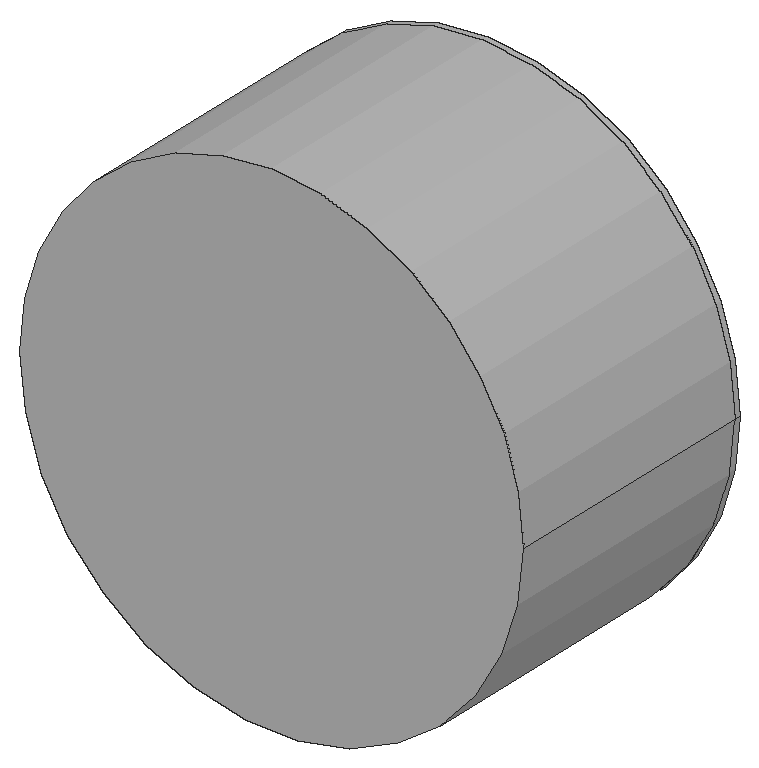
Revit family "235755 Nøkkelsafe sylindrisk", category Fire Alarm Devices, Revit 2016
Family settings
  Maintain Annotation Orientation = Yes
  Part Type = Normal
  Round Connector Dimension = Use Diameter
  OmniClass Number = 23.85.30.21.11.17
  OmniClass Title = Other Components
  Work Plane-Based = No
  Always vertical = No
  Cut with Voids When Loaded = No
  Shared = No
  Room Calculation Point = No
Parameters (values of type "Nøkkelsafe")
  Type Comments = "-UK"
  Reference Line Out [instance] = 50.00 mm
  NS8360 = "5423_XN5"
  Manufacturer = "Honeywell"
  Keynote = "XN5"
  CQ Width-2 = CQ Width - 2.00 mm  # 166.00 mm
  CQ Width = 168.00 mm
  CQ Symbol Positive Direction [instance] = yes
  CQ Symbol Offset Side [instance] = 0.00 mm
  CQ Symbol Offset Out [instance] = 0.00 mm
  CQ Height = 90.00 mm
  CQ Material = Gray
  Assembly Code = "5423"
Reference planes
  plane 1 "Center (Front/Back)": y = 0
  plane 2: z = 0
  plane 3 "Center (Left/Right)": x = 0
  plane 4: y = 90
  plane 5: y = 88
Forms (mm)
  Extrusion 1, solid, material "Gray" <- "CQ Material"
    sketch origin (0, 0, 0) x (1, 0, 0) y (0, 0, 1)
      loop
        circle (0, 0) r 84
    from 0 to -88
  Extrusion 2, solid, material "Gray" <- "CQ Material"
    sketch origin (0, 176, 0) x (1, 0, 0) y (0, 0, -1)
      loop
        circle (0, 0) r 84
      loop
        circle (0, 0) r 83
    from -86 to -88
  Extrusion 3, solid, material "Gray" <- "CQ Material"
    sketch origin (0, 4, 0) x (1, 0, 0) y (0, 0, 1)
      loop
        circle (0, 0) r 15
    from -84 to -86
Cuts and joins
  joined: Extrusion 1, Extrusion 2
Lines and regions (mm)
  model lines, style "InvisibleLines"
    curve 1: line (0, 0, 0) -> (0, 89, 0)
    curve 2: line (0, 0, 0) -> (0, 50, 0)
Dimensions and locks
  "CQ Height": plane 4 to plane 1 "Center (Front/Back)"
  "Reference Line Out": plane 1 "Center (Front/Back)" to curve 2
  locked: plane 4 to plane 5 at 2
  "CQ Width": diameter of Extrusion 1 sketch curve
  "CQ Width": diameter of Extrusion 2 sketch curve
  "CQ Width-2": diameter of Extrusion 2 sketch curve
  diameter of Extrusion 3 sketch curve = 30.00 mm
  aligned and locked: level to plane 2
  aligned and locked: curve 1 to plane 2
  aligned and locked: plane 1 "Center (Front/Back)" to curve 2
  aligned and locked: curve 2 to plane 2
  aligned and locked: plane 3 "Center (Left/Right)" to nested 1
  aligned and locked: plane 1 "Center (Front/Back)" to nested 1
  aligned and locked: plane 3 "Center (Left/Right)" to Extrusion 1 sketch curve
  aligned and locked: level to Extrusion 1 sketch curve
  aligned and locked: plane 1 "Center (Front/Back)" to Extrusion 1
  aligned and locked: plane 5 to Extrusion 1
  aligned and locked: Extrusion 2 to plane 4
  aligned and locked: Extrusion 2 to plane 5
  aligned and locked: Extrusion 3 to plane 5
  aligned and locked: Extrusion 3 to plane 4
Automatic sketch dimensions
  Extrusion 3 sketch curve to level = 0.00 mm
  Extrusion 3 sketch curve to plane 3 "Center (Left/Right)" = 0.00 mm
  curve 1 to plane 3 "Center (Left/Right)" = 0.00 mm
  plane 4 to curve 1 = 1.00 mm
  Extrusion 2 sketch curve to Extrusion 2 sketch curve = 0.00 mm  (x2)
  Extrusion 2 sketch curve to level = 0.00 mm
  Extrusion 2 sketch curve to plane 3 "Center (Left/Right)" = 0.00 mm
Nested families
  nested 1: "Nøkkelboks" at (0, 0, 0), type "Type 1"
Connectors
  electrical at (0, 0, 0)
    settings: index 1, voltage 0 V, apparent load 0 VA, apparent load phase1 0 VA, apparent load phase2 0 VA, apparent load phase3 0 VA, power factor 1, load classification "Other", number of poles 1, system type 11, power factor state 1, is connector primary yes, connector utility no, sub classification motor no, connector description ""
Definition of nested family "Nøkkelboks"
  Parameters
    CQ Symbol Positive Direction = yes
    CQ Symbol Negative Direction = not(CQ Symbol Positive Direction)  # no
    CQ Symbol Offset Side = 0.00 mm
    CQ Symbol Offset Out = 1.00 mm
  Reference planes
    plane 1: y = 0
    plane 2: x = 0
  Dimensions and locks
    "CQ Symbol Offset Side": nested 2 to plane 2
    "CQ Symbol Offset Side": plane 2 to nested 1
    "CQ Symbol Offset Out": plane 1 to nested 1
    "CQ Symbol Offset Out": plane 1 to nested 2
  Nested families
    nested 1: "Family19" at (0, 1, 0), visible <- "CQ Symbol Positive Direction", type "Family19"
    nested 2: "Family19" at (0, 1, 0), visible <- "CQ Symbol Negative Direction", type "Family19"
  Definition of nested family "Family19"
    Reference planes
      plane 1: y = 0
      plane 2: x = 0
    Lines and regions (mm)
      detail lines
        curve 1: line (-3, 0, 0) -> (3, 0, 0)
        curve 2: line (3, 0, 0) -> (3, 3, 0)
        curve 3: line (3, 3, 0) -> (-3, 3, 0)
        curve 4: line (-3, 3, 0) -> (-3, 0, 0)
        curve 5: line (2.134, 1.506, 0) -> (2.134, 0.256, 0)
        curve 6: line (0.782, 1.506, 0) -> (0.782, 0.688, 0)
        curve 7: line (-0.75, 1.506, 0) -> (2.134, 1.506, 0)
        curve 8: spline (-1.5, 0.283, 0) -> (-1.306, 0.325, 0) -> (-1.125, 0.446, 0) -> (-0.97, 0.639, 0) -> (-0.85, 0.892, 0) -> (-0.776, 1.185, 0) -> (-0.75, 1.5, 0) -> (-0.776, 1.815, 0) -> (-0.85, 2.108, 0) -> (-0.97, 2.361, 0) -> (-1.125, 2.554, 0) -> (-1.306, 2.675, 0) -> (-1.5, 2.717, 0) -> (-1.694, 2.675, 0) -> (-1.875, 2.554, 0) -> (-2.03, 2.361, 0) -> (-2.15, 2.108, 0) -> (-2.224, 1.815, 0) -> (-2.25, 1.5, 0) -> (-2.224, 1.185, 0) -> (-2.15, 0.892, 0) -> (-2.03, 0.639, 0) -> (-1.875, 0.446, 0) -> (-1.694, 0.325, 0) -> (-1.5, 0.283, 0)
        curve 10: line (0, 3.5, 0) -> (4.183, 3.5, 0)
      reference lines
        curve 9: line (0, 3, 0) -> (0, 0, 0)
    Text (mm)
      text "br." at (2.322, 5.149, 0)
